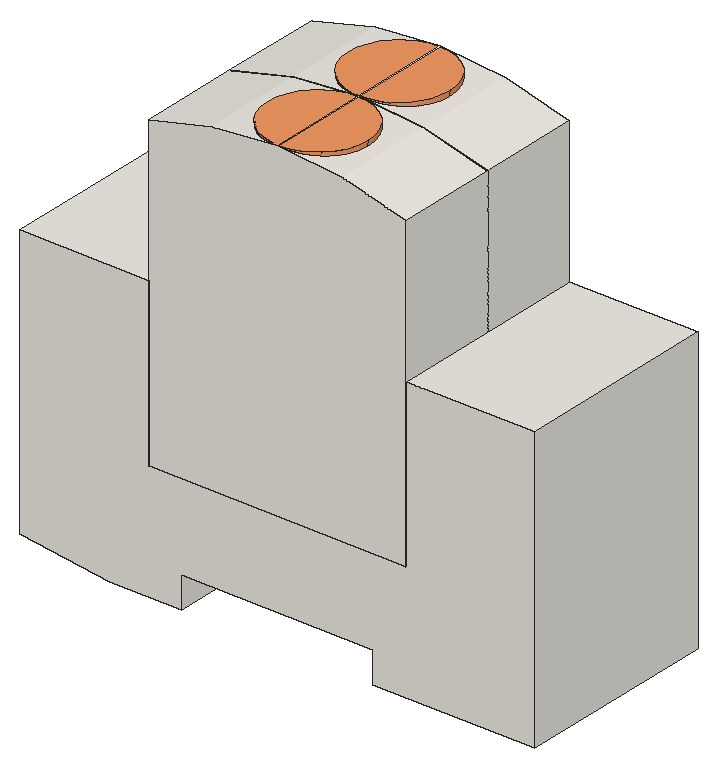
Revit family "Überspannungsableiter V20, 2-polig", category Generic Models, Revit 2015
Parameters (values of type "v20-2-550")
  Width = 90 mm
  URL = "http://www.obo-bettermann.com"
  Material 2 = PA 66/6 FR HF RAL 2003
  Material = PA 66/6 FR HF RAL 9010
  Manufacturer Art.No. = "5095212"
  Manufacturer = "OBO Bettermann"
  Length = 35.6 mm
  Height = 78.5 mm
  GTIN = "4012196159963"
  Article Type = "V20-2-550"
Types (6, lengths in mm): name | Manufacturer Art.No. | GTIN | Article Type
  (no name) | "5095212" | "4012196159963" | "V20-2-550"
  V20-2-75 | "5095142" | "4012196159741" | "V20-2-75"
  v20-2-150 | "5095152" | "4012196159772" | "V20-2-150"
  v20-2-280 | "5095162" | "4012196159819" | "V20-2-280"
  v20-2-385 | "5095192" | "4012196159895" | "V20-2-385"
  v20-2-550 | "5095212" | "4012196159963" | "V20-2-550"
Reference planes
  plane 1 "Center (Front/Back)": y = 0
  plane 2: z = 0
  plane 3 "Center (Left/Right)": x = 0
  plane 4: y = 17.8
  plane 5: z = 78.5
  plane 6: z = 78.5
  plane 7: z = 77.5
  plane 8: y = 35.6
Forms (mm)
  Extrusion 1, solid, material "PA 66/6 FR HF RAL 9010" <- "Material"
    sketch origin (0, 0, 0) x (1, 0, 0) y (0, 0, 1)
      loop
        line (-29.35, 0) -> (-16.75, 0) -> (-16.75, 5.5) -> (16.75, 5.5) -> (16.75, 0) -> (45, 0) -> (45, 49.5) -> (22.5, 49.5) -> (22.5, 20.5) -> (-22.5, 20.5) -> (-22.5, 49.5) -> (-45, 49.5) -> (-45, 1.922) -> (-29.35, 0)
    from -35.6 to 0
  Extrusion 2, solid, material "PA 66/6 FR HF RAL 9010" <- "Material"
    sketch origin (0, 0, 0) x (1, 0, 0) y (0, 0, 1)
      loop
        line (-22.5, 20.5) -> (22.5, 20.5) -> (22.5, 74.639)
        arc (22.5, 74.639) -> (0, 78.5) -> (-22.5, 74.639) r 67.488
        line (-22.5, 74.639) -> (-22.5, 20.5)
    from -17.8 to 0
  Extrusion 3, solid, material "PA 66/6 FR HF RAL 2003" <- "Material 2"
    sketch origin (0, 0, 0) x (1, 0, 0) y (0, 1, 0)
      loop
        circle (0, 8.9) r 8.75
    from 77.5 to 78.5
  Extrusion 4, solid, material "PA 66/6 FR HF RAL 9010" <- "Material"
    sketch origin (0, 0, 0) x (1, 0, 0) y (0, 0, 1)
      loop
        line (-22.5, 74.639) -> (-22.5, 20.5) -> (22.5, 20.5) -> (22.5, 74.639)
        arc (22.5, 74.639) -> (0, 78.5) -> (-22.5, 74.639) r 67.488
    from -35.6 to -17.8
  Extrusion 5, solid, material "PA 66/6 FR HF RAL 2003" <- "Material 2"
    sketch origin (0, 0, 0) x (1, 0, 0) y (0, 1, 0)
      loop
        circle (0, 26.7) r 8.8
    from 77.5 to 78.5
Dimensions and locks
  locked: Extrusion 1 sketch curve to Extrusion 1 sketch curve at 33.5
  locked: plane 3 "Center (Left/Right)" to Extrusion 1 sketch curve at 16.75
  locked: Extrusion 1 sketch curve to level at 5.5
  "Width": Extrusion 1 sketch curve to Extrusion 1 sketch curve
  equal spacing: Extrusion 1 sketch curve, plane 3 "Center (Left/Right)", Extrusion 1 sketch curve, locked at 45 each
  locked: Extrusion 1 sketch curve to Extrusion 1 sketch curve at 44
  locked: Extrusion 1 sketch curve to Extrusion 1 sketch curve at 45
  equal spacing: Extrusion 1 sketch curve, plane 3 "Center (Left/Right)", Extrusion 1 sketch curve, locked at 22.5 each
  locked: Extrusion 1 sketch curve to Extrusion 1 sketch curve at 29
  locked: Extrusion 1 sketch curve to Extrusion 1 sketch curve at 15.65
  locked: Extrusion 1 sketch curve to level at 1.922
  "Height": plane 5 to level
  locked: Extrusion 2 sketch curve to Extrusion 1 at 54.139
  locked: Extrusion 2 to Extrusion 3 sketch curve at 8.9
  "Height": plane 6 to level
  locked: plane 6 to plane 7 at 1
  "Length": plane 8 to plane 1 "Center (Front/Back)"
  locked: plane 4 to plane 1 "Center (Front/Back)" at 17.8
  locked: Extrusion 4 to Extrusion 5 sketch curve at 8.9
  radius of Extrusion 2 sketch curve = 67.488 mm
  radius of Extrusion 3 sketch curve = 8.75 mm
  radius of Extrusion 5 sketch curve = 8.8 mm
  aligned and locked: level to plane 2
  aligned and locked: Extrusion 1 sketch curve to level  (x2)
  aligned and locked: Extrusion 1 sketch curve to Extrusion 1 sketch curve
  aligned and locked: plane 1 "Center (Front/Back)" to Extrusion 1
  aligned and locked: Extrusion 2 sketch curve to Extrusion 1  (x3)
  aligned and locked: Extrusion 2 sketch curve to Extrusion 2 sketch curve
  aligned and locked: plane 1 "Center (Front/Back)" to Extrusion 2
  aligned and locked: plane 6 to Extrusion 3
  aligned and locked: Extrusion 3 to plane 7
  aligned and locked: plane 8 to Extrusion 1
  aligned and locked: Extrusion 4 sketch curve to Extrusion 2  (x4)
  aligned and locked: Extrusion 1 to Extrusion 4
  aligned and locked: Extrusion 4 to plane 4
  aligned and locked: Extrusion 5 to Extrusion 3  (x2)
Automatic sketch dimensions
  Extrusion 3 sketch curve to plane 3 "Center (Left/Right)" = 0 mm
  Extrusion 5 sketch curve to plane 3 "Center (Left/Right)" = 0 mm
